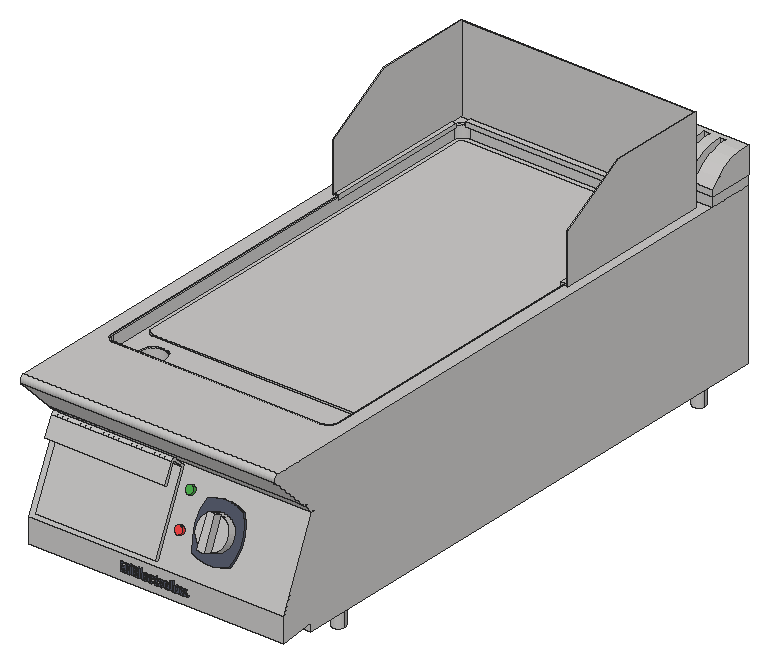
Revit family "QF_ELECTROLUXPROFESSIONAL_391357_E9IINDAOMCA", category Specialty Equipment, Revit 2018
Family settings
  Round Connector Dimension = Use Diameter
  Part Type = Normal
  Work Plane-Based = No
  Always vertical = Yes
  Cut with Voids When Loaded = No
  Shared = No
  Room Calculation Point = No
Parameters
  Width = 400 mm  # constant formula
  Weight in Pounds = 55  # constant formula
  Watts = 0 W
  Volts = 400 V  # constant formula
  URL Cutsheet = "www.electrolux.com"
  URL = "www.electrolux.com"
  Type Mark [instance] = ""
  Status [instance] = ""
  Specification by User [instance] = ""
  Specification by Manufacturer = ""
  Show Logo [instance] = yes
  Show Clearance [instance] = yes
  Serial Number = ""
  Seismic Rating = ""
  SMACNA No = ""
  Revision Code [instance] = ""
  Phase = 3
  Omniclass Number and Title = ""
  Number of Poles [instance] = 1
  NAFEM Spec ID Number = ""
  Model = "391067"
  Min Ckt Ampacity = 0 A
  Max Overcurrent Protection = 0 A
  Masterspec = ""
  Manufacturer = "ELECTROLUX"
  Item Number [instance] = ""
  Installed By [instance] = ""
  Identify Quantity as Lot [instance] = yes
  HP = "10.1 HP"
  Furnished By [instance] = ""
  Foodservice Equipment Identifier [instance] = yes
  FL Amps = if(Phase = 3, Watts / (Volts * 1.73), Watts / Volts)  # 0 A
  Electrical Remarks [instance] = "400 V/3N ph/50/60 Hz"  # constant formula
  Electric Connection Type [instance] = ""
  Elec Conn RI Height [instance] = 0 mm
  Elec Conn Connection Height [instance] = 0 mm
  Direct Waste Size = 0"
  Description = "900XP HALF MODULE ELECTRIC FRY TOP, SMOOTH HORIZONTAL PLATE, MILD STEEL - 400V"
  Depth = 930 mm  # constant formula
  Cycle [instance] = if([60 Hertz Option], 60 Hz, 50 Hz)  # 60 Hz
  Conn Plug = ""
  Conn Conduit = yes
  CSI MasterFormat = ""
  CSI Master Format = ""
  Apparent Power = if(Phase = 3, Volts * FL Amps * 1.73, Volts * FL Amps)  # 0 VA
  60 Hertz Option [instance] = not([50 Hertz Option])  # yes
  50 Hertz Option [instance] = no
Reference planes
  plane 1 "BACK": y = 0
  plane 2: z = 0
  plane 3 "LEFT": x = 0
  plane 4 "RIGHT": x = 400
  plane 5 "FRONT": y = -930
  plane 6 "TOP": z = 275
  plane 7 "Center Y": x = 200
  plane 8 "Center X": y = -465
  plane 9: y = -1045
  plane 10: z = 24
  plane 11: z = 290
  plane 12: z = 410
  plane 13: x = 11
  plane 14: x = 389
Forms (mm)
  Extrusion 1, solid, material "QF_Finishes_Stainless Steel"
    sketch origin (0, 0, 0) x (0, 1, 0) y (0, 0, 1)
      loop
        line (0, 275) -> (-922.686, 275)
        arc (-922.686, 275) -> (-929.443, 270.485) -> (-927.858, 262.514) r 7.314
        line (-927.858, 262.514) -> (-873.907, 208.563) -> (-865.773, 208.563) -> (-865.773, 206.447) -> (-871.79, 206.447) -> (-858.907, 193.563) -> (-850.773, 193.563) -> (-850.773, 191.447) -> (-856.79, 191.447) -> (-913.146, 69.003) -> (-913.146, 30.903) -> (-859.774, 36.513) -> (-859.774, 24) -> (0, 24) -> (0, 275)
    from 0 to 400
  Extrusion 2, solid, material "QF_Finishes_Stainless Steel"
    sketch origin (0, -1, 0) x (1, 0, 0) y (0, 1, 0)
      loop
        circle (11, -82) r 9.525
      loop
        circle (11, -790) r 9.525
      loop
        circle (389, -82) r 9.525
      loop
        circle (389, -790) r 9.525
    from 0 to 24
  Extrusion 3, solid, material "QF_Finishes_Stainless Steel"
    sketch origin (0, 0, 0.362) x (0, 1, 0) y (0, 0, 1)
      loop
        line (0, 289.638) -> (0, 331.738)
        arc (0, 331.738) -> (-38.857, 324.552) -> (-69.85, 300.038) r 82.056
        line (-69.85, 300.038) -> (-69.85, 289.638) -> (0, 289.638)
    from 0 to 400.05
  Extrusion 4, void
    sketch origin (0, 0, 275) x (0, -1, 0) y (1, 0, 0)
      loop
        line (6.761, 29.703) -> (63.911, 29.703) -> (63.911, 38.999) -> (6.761, 38.999) -> (6.761, 29.703)
      loop
        line (63.911, 64.487) -> (6.761, 64.487) -> (6.761, 55.191) -> (63.911, 55.191) -> (63.911, 64.487)
      loop
        line (63.911, 89.975) -> (6.761, 89.975) -> (6.761, 80.68) -> (63.911, 80.68) -> (63.911, 89.975)
      loop
        line (63.911, 115.464) -> (6.761, 115.464) -> (6.761, 106.168) -> (63.911, 106.168) -> (63.911, 115.464)
      loop
        line (63.911, 140.952) -> (6.761, 140.952) -> (6.761, 131.656) -> (63.911, 131.656) -> (63.911, 140.952)
      loop
        line (63.911, 166.44) -> (6.761, 166.44) -> (6.761, 157.145) -> (63.911, 157.145) -> (63.911, 166.44)
      loop
        line (63.911, 191.929) -> (6.761, 191.929) -> (6.761, 182.633) -> (63.911, 182.633) -> (63.911, 191.929)
      loop
        line (63.911, 217.417) -> (6.761, 217.417) -> (6.761, 208.121) -> (63.911, 208.121) -> (63.911, 217.417)
      loop
        line (63.911, 242.905) -> (6.761, 242.905) -> (6.761, 233.61) -> (63.911, 233.61) -> (63.911, 242.905)
      loop
        line (63.911, 268.394) -> (6.761, 268.394) -> (6.761, 259.098) -> (63.911, 259.098) -> (63.911, 268.394)
      loop
        line (63.911, 293.882) -> (6.761, 293.882) -> (6.761, 284.586) -> (63.911, 284.586) -> (63.911, 293.882)
      loop
        line (63.911, 319.37) -> (6.761, 319.37) -> (6.761, 310.075) -> (63.911, 310.075) -> (63.911, 319.37)
      loop
        line (63.911, 344.859) -> (6.761, 344.859) -> (6.761, 335.563) -> (63.911, 335.563) -> (63.911, 344.859)
      loop
        line (63.911, 370.347) -> (6.761, 370.347) -> (6.761, 361.051) -> (63.911, 361.051) -> (63.911, 370.347)
    from 25.4 to 63.5
  Extrusion 5, solid, material "QF_Finishes_Stainless Steel"
    sketch origin (0, 0, 275) x (0, -1, 0) y (1, 0, 0)
      loop
        line (69.85, 0) -> (69.85, 400) -> (0, 400) -> (0, 0) -> (69.85, 0)
    from 0 to 15
  Extrusion 6, solid, material "QF_Finishes_Stainless Steel"
    sketch origin (635, 190.152, 275) x (0, -1, 0) y (1, 0, 0)
      loop
        line (273.542, -252.03) -> (273.542, -617.97) -> (275.13, -617.97) -> (275.13, -252.03) -> (273.542, -252.03)
    from 0 to 135
  Extrusion 7, void
    sketch origin (0, 0, 275) x (0, -1, 0) y (1, 0, 0)
      loop
        arc (92.539, 37.03) -> (96.932, 26.423) -> (107.539, 22.03) r 15
        line (107.539, 22.03) -> (777.539, 22.03)
        arc (777.539, 22.03) -> (788.145, 26.423) -> (792.539, 37.03) r 15
        line (792.539, 37.03) -> (792.539, 362.97)
        arc (792.539, 362.97) -> (788.145, 373.577) -> (777.539, 377.97) r 15
        line (777.539, 377.97) -> (107.539, 377.97)
        arc (107.539, 377.97) -> (96.932, 373.577) -> (92.539, 362.97) r 15
        line (92.539, 362.97) -> (92.539, 37.03)
    from 0 to -21.588
  Sweep 8, solid, material "QF_Finishes_Stainless Steel"
    path origin (0, 0, 0) x (1, 0, 0) y (0, 1, 0)
      loop
        line (22.03, -107.539) -> (22.03, -777.539)
        arc (22.03, -777.539) -> (26.423, -788.145) -> (37.03, -792.539) r 15
        line (37.03, -792.539) -> (362.97, -792.539)
        arc (362.97, -792.539) -> (373.577, -788.145) -> (377.97, -777.539) r 15
        line (377.97, -777.539) -> (377.97, -107.539)
        arc (377.97, -107.539) -> (373.577, -96.932) -> (362.97, -92.539) r 15
        line (362.97, -92.539) -> (37.03, -92.539)
        arc (37.03, -92.539) -> (26.423, -96.932) -> (22.03, -107.539) r 15
    profile origin (22.03, -442.539, 0) x (1, 0, 0) y (0, 0, 1)
      loop
        line (0, 255) -> (1.588, 255) -> (1.588, 272.855)
        arc (1.588, 272.855) -> (1.147, 274.189) -> (0, 275) r 2.242
        line (0, 275) -> (0, 255)
  Extrusion 9, solid, material "QF_Finishes_Stainless Steel"
    sketch origin (0, 0, 0) x (1, 0, 0) y (0, 0, 1)
      loop
        line (17.03, 275.856) -> (23.926, 275.856) -> (23.926, 270.856) -> (25.514, 270.856) -> (25.514, 277.444) -> (17.03, 277.444) -> (17.03, 275.856)
      loop
        line (382.97, 275.856) -> (382.97, 277.444) -> (374.486, 277.444) -> (374.486, 270.856) -> (376.074, 270.856) -> (376.074, 275.856) -> (382.97, 275.856)
    from 105.541 to 335.39
  Extrusion 10, solid, material "QF_Finishes_Stainless Steel"
    sketch origin (0, 0, 0) x (0, 1, 0) y (0, 0, 1)
      loop
        line (-94.126, 270.856) -> (-94.126, 275.856) -> (-84.978, 275.856) -> (-84.978, 277.444) -> (-95.714, 277.444) -> (-95.714, 270.856) -> (-94.126, 270.856)
    from 32.03 to 367.97
  Extrusion 11, solid, material "QF_Finishes_Stainless Steel"
    sketch origin (0, -101.6, 24) x (-1, 0, 0) y (0, 1, 0)
      loop
        circle (-340, -483.4) r 6.35
    from 0 to 5
  Extrusion 12, solid, material "QF_Clearances", visible <- "Show Clearance", detail levels coarse
    sketch origin (0, 0, 0) x (1, 0, 0) y (0, 1, 0)
      loop
        line (0, 0) -> (400, 0) -> (400, -930) -> (500, -930) -> (500, 100) -> (-100, 100) -> (-100, -930) -> (0, -930) -> (0, 0)
    from 0 to 410
  Extrusion 13, solid, material "QF_Finishes_Stainless Steel"
    sketch origin (0, 0, 0) x (0, 1, 0) y (0, 0, 1)
      loop
        line (-792.539, 255) -> (-792.539, 253.413) -> (-92.539, 253.413) -> (-92.539, 255) -> (-792.539, 255)
    from 22.03 to 377.97
  Extrusion 14, solid, material "QF_Finishes_Stainless Steel"
    sketch origin (100, 0, 0) x (0, 1, 0) y (0, 0, 1)
      loop
        line (-858.205, 188.372) -> (-874.612, 204.778)
        arc (-874.612, 204.778) -> (-879.079, 206.181) -> (-882.783, 203.316) r 5.058
        line (-882.783, 203.316) -> (-895.445, 175.806) -> (-892.561, 174.479) -> (-879.899, 201.989)
        arc (-879.899, 201.989) -> (-878.52, 203.055) -> (-876.857, 202.533) r 1.883
        line (-876.857, 202.533) -> (-862.014, 187.69) -> (-912.848, 77.245) -> (-909.964, 75.918) -> (-858.205, 188.372)
    from -89 to 100
  Extrusion 15, solid, material "QF_Door-Drawer Clearances", visible <- "Show Clearance", detail levels coarse
    sketch origin (100, 0, 0) x (0, 1, 0) y (0, 0, 1)
      loop
        line (-1024.713, 174.479) -> (-1012.051, 201.989)
        arc (-1012.051, 201.989) -> (-1010.672, 203.055) -> (-1009.009, 202.533) r 1.883
        line (-1009.009, 202.533) -> (-994.166, 187.69) -> (-1045, 77.245) -> (-1042.116, 75.918) -> (-909.964, 75.918) -> (-858.205, 188.372) -> (-874.612, 204.778)
        arc (-874.612, 204.778) -> (-875.847, 205.685) -> (-877.298, 206.181) r 5.058
        line (-877.298, 206.181) -> (-1011.231, 206.181)
        arc (-1011.231, 206.181) -> (-1013.435, 205.203) -> (-1014.935, 203.316) r 5.058
        line (-1014.935, 203.316) -> (-1027.597, 175.806) -> (-1024.713, 174.479)
    from -89 to 100
  Extrusion 16, void
    sketch origin (0, 0, 0) x (1, 0, 0) y (0, 1, 0)
      loop
        circle (71.879, -758.736) r 20
    from 235.859 to 256.719
  Extrusion 17, solid, material "QF_Finishes_Stainless Steel"
    sketch origin (0, 0, 0) x (0, 1, 0) y (0, 0, 1)
      loop
        line (-83.39, 410) -> (-235.39, 410) -> (-335.39, 352.265) -> (-335.39, 275) -> (-83.39, 275) -> (-83.39, 410)
    from 15.442 to 17.03
  Extrusion 18, solid, material "QF_Finishes_Stainless Steel"
    sketch origin (400, 0, 0) x (0, 1, 0) y (0, 0, -1)
      loop
        line (-83.39, -410) -> (-83.39, -275) -> (-335.39, -275) -> (-335.39, -352.265) -> (-235.39, -410) -> (-83.39, -410)
    from 15.442 to 17.03
  Extrusion 19, solid, material "QF_Finishes_Stainless Steel"
    sketch origin (23.617, -107.539, 255) x (-1, 0, 0) y (0, 1, 0)
      loop
        arc (-18.412, -615) -> (-11.341, -612.071) -> (-8.412, -605) r 10
        line (-8.412, -605) -> (-8.412, -7.867)
        arc (-8.412, -7.867) -> (-11.341, -0.796) -> (-18.412, 2.133) r 10
        line (-18.412, 2.133) -> (-334.353, 2.133)
        arc (-334.353, 2.133) -> (-341.425, -0.796) -> (-344.353, -7.867) r 10
        line (-344.353, -7.867) -> (-344.353, -605)
        arc (-344.353, -605) -> (-341.425, -612.071) -> (-334.353, -615) r 10
        line (-334.353, -615) -> (-18.412, -615)
    from 0 to -2
  Extrusion 20, solid, material "QF_Finishes_Navy Blue"
    sketch origin (115.456, -912.449, 70.59) x (0, 0.419232, 0.907879) y (-1, 0, 0)
      loop
        arc (102.26, -132.62) -> (66.843, -125.139) -> (31.333, -132.16) r 90.355
        arc (31.333, -132.16) -> (24.504, -161.269) -> (31.333, -190.378) r 65.456
        arc (31.333, -190.378) -> (66.877, -199.452) -> (102.26, -189.765) r 71.728
        arc (102.26, -189.765) -> (108.852, -161.193) -> (102.26, -132.62) r 65.22
    from 0 to 3.175
  Extrusion 21, solid, material "QF_Finishes_Stainless Steel"
    sketch origin (115.456, -916.163, 70.121) x (0, 0.419232, 0.907879) y (-1, 0, 0)
      loop
        circle (68.826, -160.963) r 25.4
    from 0 to 12.7
  Extrusion 22, solid, material "QF_Finishes_Stainless Steel"
    sketch origin (115.456, -927.693, 75.445) x (0, 0.419232, 0.907879) y (-1, 0, 0)
      loop
        arc (93.558, -166.749) -> (94.226, -160.963) -> (93.558, -155.177) r 25.4
        line (93.558, -155.177) -> (44.094, -155.177)
        arc (44.094, -155.177) -> (43.426, -160.963) -> (44.094, -166.749) r 25.4
        line (44.094, -166.749) -> (93.558, -166.749)
    from 0 to 12.7
  Extrusion 23, solid, material "QF_Finishes_Navy Blue", visible <- "Show Logo"
    sketch origin (-142.26, -913.146, 37.253) x (0, 0, 1) y (-1, 0, 0)
      loop
        line (20.674, -296.698) -> (8.307, -296.698)
        arc (8.307, -296.698) -> (14.491, -301.27) -> (20.674, -296.698) r 6.467
      loop
        arc (20.674, -296.069) -> (19.505, -290.926) -> (14.849, -288.448) r 6.338
        line (14.849, -288.448) -> (14.849, -290.494)
        arc (14.849, -290.494) -> (16.333, -294.149) -> (19.778, -296.069) r 5.941
        line (19.778, -296.069) -> (20.674, -296.069)
      loop
        arc (9.203, -296.069) -> (12.648, -294.149) -> (14.132, -290.494) r 5.941
        line (14.132, -290.494) -> (14.132, -288.448)
        arc (14.132, -288.448) -> (9.438, -290.922) -> (8.148, -296.069) r 6.504
        line (8.148, -296.069) -> (9.203, -296.069)
      loop
        line (21.349, -287.979) -> (7.604, -287.979) -> (7.604, -301.742) -> (21.349, -301.742) -> (21.349, -287.979)
      loop
        arc (21.432, -304.71) -> (21.085, -304.352) -> (20.718, -304.69) r 0.358
        arc (20.718, -304.69) -> (20.404, -305.44) -> (19.687, -305.825) r 1.216
        line (19.687, -305.825) -> (9.274, -305.825)
        arc (9.274, -305.825) -> (8.614, -305.548) -> (8.218, -304.951) r 1.238
        arc (8.218, -304.951) -> (7.823, -304.7) -> (7.518, -305.054) r 0.358
        line (7.518, -305.054) -> (7.518, -314.933) -> (10.269, -314.933) -> (10.269, -314.036)
        arc (10.269, -314.036) -> (9.36, -313.456) -> (8.904, -312.479) r 1.928
        line (8.904, -312.479) -> (8.904, -309.98)
        arc (8.904, -309.98) -> (9.18, -309.251) -> (9.868, -308.887) r 1.101
        line (9.868, -308.887) -> (13.955, -308.887) -> (13.955, -312.561)
        arc (13.955, -312.561) -> (13.602, -313.058) -> (13.037, -313.286) r 1.083
        arc (13.037, -313.286) -> (12.773, -313.591) -> (13.065, -313.869) r 0.292
        line (13.065, -313.869) -> (16.028, -313.869)
        arc (16.028, -313.869) -> (16.33, -313.596) -> (16.092, -313.266) r 0.305
        arc (16.092, -313.266) -> (15.601, -313.018) -> (15.296, -312.561) r 1.083
        line (15.296, -312.561) -> (15.296, -308.887) -> (19.973, -308.887) -> (19.973, -312.635)
        arc (19.973, -312.635) -> (19.759, -313.39) -> (19.153, -313.888) r 1.314
        arc (19.153, -313.888) -> (18.934, -314.292) -> (19.288, -314.585) r 0.361
        line (19.288, -314.585) -> (21.432, -314.585) -> (21.432, -304.71)
      loop
        arc (20.715, -315.365) -> (20.335, -316.284) -> (19.416, -316.664) r 1.299
        line (19.416, -316.664) -> (9.837, -316.664)
        arc (9.837, -316.664) -> (8.999, -316.286) -> (8.728, -315.408) r 1.118
        line (8.728, -315.408) -> (7.518, -315.408) -> (7.518, -320.758) -> (8.706, -320.758)
        arc (8.706, -320.758) -> (8.978, -319.841) -> (9.848, -319.445) r 1.153
        line (9.848, -319.445) -> (21.92, -319.445) -> (20.715, -315.365)
      loop
        line (12.483, -323.394) -> (12.483, -329.842) -> (13.282, -329.842)
        arc (13.282, -329.842) -> (15.862, -328.857) -> (17.131, -326.404) r 3.874
        line (17.131, -326.404) -> (17.131, -324.643)
        arc (17.131, -324.643) -> (15.944, -321.778) -> (13.08, -320.592) r 4.051
        line (13.08, -320.592) -> (11.072, -320.592)
        arc (11.072, -320.592) -> (8.253, -322.077) -> (7.202, -325.084) r 4.352
        arc (7.202, -325.084) -> (7.566, -327.547) -> (8.943, -329.621) r 5.713
        line (8.943, -329.621) -> (9.892, -329.621)
        arc (9.892, -329.621) -> (9.16, -328.052) -> (8.943, -326.334) r 5.579
        arc (8.943, -326.334) -> (9.737, -324.371) -> (11.616, -323.394) r 3.057
        line (11.616, -323.394) -> (12.483, -323.394)
      loop
        line (13.742, -323.394) -> (13.742, -326.977)
        arc (13.742, -326.977) -> (15.199, -327.024) -> (16.082, -325.864) r 1.59
        line (16.082, -325.864) -> (16.082, -325.034)
        arc (16.082, -325.034) -> (15.217, -323.779) -> (13.742, -323.394) r 2.184
      loop
        arc (16.533, -339.259) -> (17.022, -337.585) -> (17.179, -335.848) r 9.023
        line (17.179, -335.848) -> (17.179, -334.486)
        arc (17.179, -334.486) -> (16.02, -331.686) -> (13.22, -330.527) r 3.959
        line (13.22, -330.527) -> (10.62, -330.527)
        arc (10.62, -330.527) -> (8.338, -331.819) -> (7.221, -334.192) r 4.331
        line (7.221, -334.192) -> (7.221, -336.327)
        arc (7.221, -336.327) -> (7.729, -337.877) -> (8.651, -339.223) r 5.772
        arc (8.651, -339.223) -> (9.412, -339.274) -> (9.499, -338.515) r 0.553
        arc (9.499, -338.515) -> (9.111, -337.781) -> (8.977, -336.962) r 2.573
        line (8.977, -336.962) -> (8.977, -335.447)
        arc (8.977, -335.447) -> (9.983, -333.806) -> (11.798, -333.163) r 2.884
        line (11.798, -333.163) -> (13.077, -333.163)
        arc (13.077, -333.163) -> (14.898, -333.723) -> (15.824, -335.388) r 2.554
        line (15.824, -335.388) -> (15.824, -336.441)
        arc (15.824, -336.441) -> (15.493, -337.369) -> (14.836, -338.104) r 2.564
        arc (14.836, -338.104) -> (14.614, -338.821) -> (15.223, -339.259) r 0.643
        line (15.223, -339.259) -> (16.533, -339.259)
      loop
        line (15.515, -339.53) -> (15.515, -341.031) -> (9.467, -341.031)
        arc (9.467, -341.031) -> (7.879, -341.688) -> (7.221, -343.276) r 2.246
        line (7.221, -343.276) -> (7.221, -344.86)
        arc (7.221, -344.86) -> (7.535, -345.725) -> (8.035, -346.496) r 4.06
        arc (8.035, -346.496) -> (8.768, -346.629) -> (9.019, -345.928) r 0.576
        arc (9.019, -345.928) -> (8.913, -345.403) -> (8.977, -344.87) r 1.69
        arc (8.977, -344.87) -> (9.519, -344.082) -> (10.425, -343.779) r 1.506
        line (10.425, -343.779) -> (15.563, -343.779) -> (15.563, -346.176) -> (16.119, -346.733) -> (16.941, -346.733) -> (16.941, -343.873) -> (20.172, -343.873) -> (15.515, -339.53)
      loop
        line (7.438, -347.63) -> (7.438, -353.017) -> (8.548, -353.017)
        arc (8.548, -353.017) -> (8.942, -352.066) -> (9.893, -351.672) r 1.345
        line (9.893, -351.672) -> (13.509, -351.672)
        arc (13.509, -351.672) -> (14.274, -352.264) -> (14.564, -353.186) r 1.615
        line (14.564, -353.186) -> (14.564, -354.742) -> (17.119, -355.427) -> (17.119, -354.044) -> (15.177, -351.485) -> (17.057, -351.485) -> (16.773, -348.779)
        arc (16.773, -348.779) -> (16.333, -348.249) -> (15.674, -348.45) r 0.621
        arc (15.674, -348.45) -> (15.274, -348.792) -> (14.78, -348.975) r 1.501
        line (14.78, -348.975) -> (9.893, -348.975)
        arc (9.893, -348.975) -> (8.942, -348.581) -> (8.548, -347.63) r 1.345
        line (8.548, -347.63) -> (7.438, -347.63)
      loop
        line (13.54, -354.964) -> (10.848, -354.964)
        arc (10.848, -354.964) -> (8.403, -356.272) -> (7.269, -358.803) r 4.288
        arc (7.269, -358.803) -> (7.205, -360.183) -> (7.269, -361.563) r 15.022
        arc (7.269, -361.563) -> (8.403, -364.094) -> (10.848, -365.401) r 4.288
        line (10.848, -365.401) -> (13.54, -365.401)
        arc (13.54, -365.401) -> (15.986, -364.094) -> (17.119, -361.563) r 4.288
        arc (17.119, -361.563) -> (17.183, -360.183) -> (17.119, -358.803) r 15.022
        arc (17.119, -358.803) -> (15.986, -356.272) -> (13.54, -354.964) r 4.288
      loop
        line (13.745, -358.078) -> (10.643, -358.078)
        arc (10.643, -358.078) -> (8.486, -360.235) -> (10.643, -362.392) r 2.157
        line (10.643, -362.392) -> (13.745, -362.392)
        arc (13.745, -362.392) -> (15.902, -360.235) -> (13.745, -358.078) r 2.157
      loop
        arc (20.726, -365.26) -> (20.355, -366.154) -> (19.461, -366.524) r 1.264
        line (19.461, -366.524) -> (9.597, -366.524)
        arc (9.597, -366.524) -> (8.727, -366.127) -> (8.455, -365.211) r 1.153
        line (8.455, -365.211) -> (7.518, -365.211) -> (7.518, -370.319) -> (8.446, -370.319)
        arc (8.446, -370.319) -> (8.805, -369.547) -> (9.597, -369.232) r 1.153
        line (9.597, -369.232) -> (21.92, -369.232) -> (20.726, -365.26)
      loop
        arc (15.846, -369.857) -> (15.647, -370.921) -> (14.678, -371.403) r 1.215
        line (14.678, -371.403) -> (9.658, -371.403)
        arc (9.658, -371.403) -> (8.043, -372.051) -> (7.322, -373.634) r 2.338
        line (7.322, -373.634) -> (7.322, -375.148)
        arc (7.322, -375.148) -> (7.497, -376.152) -> (7.999, -377.038) r 2.979
        line (7.999, -377.038) -> (7.518, -378.835) -> (7.518, -380.524) -> (16.943, -380.524) -> (16.649, -376.32) -> (15.863, -376.32)
        arc (15.863, -376.32) -> (15.507, -377.156) -> (14.755, -377.665) r 1.605
        line (14.755, -377.665) -> (9.652, -377.665)
        arc (9.652, -377.665) -> (9.232, -376.728) -> (9.159, -375.704) r 2.94
        arc (9.159, -375.704) -> (9.72, -374.603) -> (10.873, -374.16) r 1.724
        line (10.873, -374.16) -> (17.07, -374.16) -> (15.846, -369.857)
      loop
        line (16.874, -381.377) -> (15.202, -383.423) -> (12.028, -385.729) -> (8.572, -382.617)
        arc (8.572, -382.617) -> (8.335, -382.223) -> (8.357, -381.764) r 0.789
        line (8.357, -381.764) -> (7.518, -381.764) -> (7.518, -385.309) -> (8.344, -385.309)
        arc (8.344, -385.309) -> (8.686, -384.947) -> (9.176, -385.039) r 0.52
        line (9.176, -385.039) -> (10.976, -386.51) -> (8.858, -387.886)
        arc (8.858, -387.886) -> (8.457, -387.576) -> (8.37, -387.076) r 0.7
        line (8.37, -387.076) -> (7.518, -387.076) -> (7.518, -393.003) -> (8.405, -393.003)
        arc (8.405, -393.003) -> (8.472, -392.344) -> (8.866, -391.813) r 1.247
        line (8.866, -391.813) -> (13.066, -388.532) -> (15.513, -390.585) -> (16.874, -392.327) -> (16.874, -388.604) -> (15.389, -389.026) -> (13.868, -387.749) -> (15.568, -386.559) -> (16.874, -387.336) -> (16.874, -381.377)
    from 0 to 1.644
  Extrusion 24, solid, material "QF_Finishes_Green"
    sketch origin (129.198, -908.494, 79.155) x (0, 0.419232, 0.907879) y (-1, 0, 0)
      loop
        circle (94.749, -90.848) r 6.35
    from 0 to 3.175
  Extrusion 25, solid, material "QF_Finishes_Red"
    sketch origin (129.198, -930.457, 31.593) x (0, 0.419232, 0.907879) y (-1, 0, 0)
      loop
        circle (95.112, -90.848) r 6.35
    from 0 to 3.175
Cuts and joins
  Extrusion 4 cuts Extrusion 3
  Extrusion 7, Extrusion 16 cuts Extrusion 1
  Extrusion 16 cuts Extrusion 13
Lines and regions (mm)
  symbolic lines, style "QF_Clearances", visible <- "Show Clearance", detail levels coarse
    curve 1: line (500, -930, 0) -> (500, 100, 0)
    curve 2: line (500, 100, 0) -> (-100, 100, 0)
    curve 3: line (-100, 100, 0) -> (-100, -930, 0)
  symbolic lines, style "QF_Door-Drawer Clearances"
    curve 4: line (11, -930, 0) -> (11, -1045, 0)
    curve 5: line (11, -1045, 0) -> (200, -1045, 0)
    curve 6: line (200, -930, 0) -> (200, -1045, 0)
  symbolic lines
    curve 7: line (0, -930, 0) -> (400, -930, 0)
    curve 8: line (400, -930, 0) -> (400, 0, 0)
    curve 9: line (400, 0, 0) -> (0, 0, 0)
    curve 10: line (0, 0, 0) -> (0, -930, 0)
    curve 11: line (362.97, -792.539, 0) -> (37.03, -792.539, 0)
    curve 12: arc (37.03, -792.539, 0) -> (26.423, -788.145, 0) -> (22.03, -777.539, 0) r 15
    curve 13: line (22.03, -777.539, 0) -> (22.03, -335.39, 0)
    curve 14: arc (22.163, -105.541, 0) -> (25.387, -98.081, 0) -> (32.03, -93.397, 0) r 15
    curve 15: arc (367.97, -93.397, 0) -> (374.613, -98.081, 0) -> (377.837, -105.541, 0) r 15
    curve 16: line (377.97, -335.39, 0) -> (377.97, -777.539, 0)
    curve 17: arc (377.97, -777.539, 0) -> (373.577, -788.145, 0) -> (362.97, -792.539, 0) r 15
    curve 18: line (357.97, -722.539, 0) -> (42.03, -722.539, 0)
    curve 19: arc (42.03, -722.539, 0) -> (34.958, -719.61, 0) -> (32.03, -712.539, 0) r 10
    curve 20: line (32.03, -712.539, 0) -> (32.03, -115.406, 0)
    curve 21: arc (32.03, -115.406, 0) -> (34.958, -108.335, 0) -> (42.03, -105.406, 0) r 10
    curve 22: line (42.03, -105.406, 0) -> (357.97, -105.406, 0)
    curve 23: arc (357.97, -105.406, 0) -> (365.042, -108.335, 0) -> (367.97, -115.406, 0) r 10
    curve 24: line (367.97, -115.406, 0) -> (367.97, -712.539, 0)
    curve 25: arc (367.97, -712.539, 0) -> (365.042, -719.61, 0) -> (357.97, -722.539, 0) r 10
    curve 26: line (15.442, -83.39, 0) -> (15.442, -335.39, 0)
    curve 27: line (384.558, -83.39, 0) -> (15.442, -83.39, 0)
    curve 28: line (384.558, -335.39, 0) -> (384.558, -83.39, 0)
    curve 29: line (367.97, -95.714, 0) -> (367.97, -83.39, 0)
    curve 30: line (32.03, -95.714, 0) -> (367.97, -95.714, 0)
    curve 31: line (32.03, -83.39, 0) -> (32.03, -95.714, 0)
    curve 32: line (384.558, -105.541, 0) -> (374.486, -105.541, 0)
    curve 33: line (25.514, -335.39, 0) -> (25.514, -105.541, 0)
    curve 34: line (15.442, -335.39, 0) -> (25.514, -335.39, 0)
    curve 35: line (374.486, -105.541, 0) -> (374.486, -335.39, 0)
    curve 36: line (374.486, -335.39, 0) -> (384.558, -335.39, 0)
    curve 37: line (25.514, -105.541, 0) -> (15.442, -105.541, 0)
    curve 38: line (38.999, -6.761, 0) -> (38.999, -63.911, 0)
    curve 39: line (38.999, -63.911, 0) -> (29.703, -63.911, 0)
    curve 40: line (29.703, -63.911, 0) -> (29.703, -6.761, 0)
    curve 41: line (29.703, -6.761, 0) -> (38.999, -6.761, 0)
    curve 42: line (55.191, -63.911, 0) -> (55.191, -6.761, 0)
    curve 43: line (55.191, -6.761, 0) -> (64.487, -6.761, 0)
    curve 44: line (64.487, -6.761, 0) -> (64.487, -63.911, 0)
    curve 45: line (64.487, -63.911, 0) -> (55.191, -63.911, 0)
    curve 46: line (89.975, -6.761, 0) -> (89.975, -63.911, 0)
    curve 47: line (89.975, -63.911, 0) -> (80.68, -63.911, 0)
    curve 48: line (80.68, -63.911, 0) -> (80.68, -6.761, 0)
    curve 49: line (80.68, -6.761, 0) -> (89.975, -6.761, 0)
    curve 50: line (115.464, -6.761, 0) -> (115.464, -63.911, 0)
    curve 51: line (115.464, -63.911, 0) -> (106.168, -63.911, 0)
    curve 52: line (106.168, -63.911, 0) -> (106.168, -6.761, 0)
    curve 53: line (106.168, -6.761, 0) -> (115.464, -6.761, 0)
    curve 54: line (140.952, -6.761, 0) -> (140.952, -63.911, 0)
    curve 55: line (140.952, -63.911, 0) -> (131.656, -63.911, 0)
    curve 56: line (131.656, -63.911, 0) -> (131.656, -6.761, 0)
    curve 57: line (131.656, -6.761, 0) -> (140.952, -6.761, 0)
    curve 58: line (166.44, -6.761, 0) -> (166.44, -63.911, 0)
    curve 59: line (166.44, -63.911, 0) -> (157.145, -63.911, 0)
    curve 60: line (157.145, -63.911, 0) -> (157.145, -6.761, 0)
    curve 61: line (157.145, -6.761, 0) -> (166.44, -6.761, 0)
    curve 62: line (191.929, -6.761, 0) -> (191.929, -63.911, 0)
    curve 63: line (191.929, -63.911, 0) -> (182.633, -63.911, 0)
    curve 64: line (182.633, -63.911, 0) -> (182.633, -6.761, 0)
    curve 65: line (182.633, -6.761, 0) -> (191.929, -6.761, 0)
    curve 66: line (208.121, -63.911, 0) -> (208.121, -6.761, 0)
    curve 67: line (208.121, -6.761, 0) -> (217.417, -6.761, 0)
    curve 68: line (217.417, -6.761, 0) -> (217.417, -63.911, 0)
    curve 69: line (217.417, -63.911, 0) -> (208.121, -63.911, 0)
    curve 70: line (367.97, -83.39, 0) -> (367.97, -95.714, 0)
    curve 71: line (361.001, -6.761, 0) -> (361.001, -63.911, 0)
    curve 72: line (361.001, -63.911, 0) -> (370.297, -63.911, 0)
    curve 73: line (370.297, -63.911, 0) -> (370.297, -6.761, 0)
    curve 74: line (370.297, -6.761, 0) -> (361.001, -6.761, 0)
    curve 75: line (344.809, -63.911, 0) -> (344.809, -6.761, 0)
    curve 76: line (344.809, -6.761, 0) -> (335.513, -6.761, 0)
    curve 77: line (335.513, -6.761, 0) -> (335.513, -63.911, 0)
    curve 78: line (335.513, -63.911, 0) -> (344.809, -63.911, 0)
    curve 79: line (310.025, -6.761, 0) -> (310.025, -63.911, 0)
    curve 80: line (310.025, -63.911, 0) -> (319.32, -63.911, 0)
    curve 81: line (319.32, -63.911, 0) -> (319.32, -6.761, 0)
    curve 82: line (319.32, -6.761, 0) -> (310.025, -6.761, 0)
    curve 83: line (284.536, -6.761, 0) -> (284.536, -63.911, 0)
    curve 84: line (284.536, -63.911, 0) -> (293.832, -63.911, 0)
    curve 85: line (293.832, -63.911, 0) -> (293.832, -6.761, 0)
    curve 86: line (293.832, -6.761, 0) -> (284.536, -6.761, 0)
    curve 87: line (259.048, -6.761, 0) -> (259.048, -63.911, 0)
    curve 88: line (259.048, -63.911, 0) -> (268.344, -63.911, 0)
    curve 89: line (268.344, -63.911, 0) -> (268.344, -6.761, 0)
    curve 90: line (268.344, -6.761, 0) -> (259.048, -6.761, 0)
    curve 91: line (233.56, -6.761, 0) -> (233.56, -63.911, 0)
    curve 92: line (233.56, -63.911, 0) -> (242.855, -63.911, 0)
    curve 93: line (242.855, -63.911, 0) -> (242.855, -6.761, 0)
    curve 94: line (242.855, -6.761, 0) -> (233.56, -6.761, 0)
    curve 95: arc (51.879, -758.736, 0) -> (71.879, -738.736, 0) -> (91.879, -758.736, 0) r 20
    curve 96: arc (51.879, -758.736, 0) -> (71.879, -778.736, 0) -> (91.879, -758.736, 0) r 20
    curve 97: line (0, -69.85, 0) -> (400, -69.85, 0)
Dimensions and locks
  equal spacing: plane 3 "LEFT", plane 7 "Center Y", plane 4 "RIGHT"
  "Width": plane 3 "LEFT" to plane 4 "RIGHT"
  equal spacing: plane 5 "FRONT", plane 8 "Center X", plane 1 "BACK"
  "Depth": plane 5 "FRONT" to plane 1 "BACK"
  plane 6 "TOP" to level = 275 mm
  plane 1 "BACK" to plane 9 = 1045 mm  (x2)
  plane 10 to level = 24 mm  (x2)
  plane 11 to plane 10 = 266 mm
  plane 6 "TOP" to plane 10 = 251 mm
  plane 12 to level = 410 mm  (x2)
  plane 12 to plane 10 = 386 mm
  plane 13 to plane 3 "LEFT" = 11 mm
  locked: plane 14 to plane 4 "RIGHT" at 11
  plane 1 "BACK" to plane 5 "FRONT" = 930 mm
  Extrusion 11 to plane 10 = 5 mm
  plane 1 "BACK" to Extrusion 11 = 585 mm
  plane 1 "BACK" to Extrusion 2 to Extrusion 2 to plane 5 "FRONT" = 83 mm, 708 mm, 139 mm
  plane 13 to plane 14 = 378 mm
  plane 1 "BACK" to curve 2 = 100 mm
  plane 4 "RIGHT" to curve 1 = 100 mm
  curve 3 to plane 3 "LEFT" = 100 mm
  Extrusion 11 sketch curve to plane 4 "RIGHT" = 60 mm
  aligned and locked: level to plane 2
  aligned and locked: Extrusion 1 to plane 4 "RIGHT"
Automatic sketch dimensions
  Extrusion 1 sketch curve to plane 6 "TOP" = 0 mm
  Extrusion 1 sketch curve to plane 10 = 0 mm
  Extrusion 1 sketch curve to plane 1 "BACK" = 0 mm
  Extrusion 1 sketch curve to plane 5 "FRONT" = 79.227 mm
  Extrusion 1 sketch curve to Extrusion 1 sketch curve = 6.017 mm  (x2)
  Extrusion 1 sketch curve to Extrusion 1 sketch curve = 2.117 mm  (x4)
  plane 10 to Extrusion 1 sketch curve = 12.513 mm
  Extrusion 1 sketch curve to plane 5 "FRONT" = 70.226 mm
  Extrusion 1 sketch curve to Extrusion 1 sketch curve = 6.866 mm
  Extrusion 1 sketch curve to plane 5 "FRONT" = 16.854 mm
  Extrusion 1 sketch curve to plane 5 "FRONT" = 7.314 mm
  Extrusion 1 sketch curve to plane 5 "FRONT" = 2.142 mm
  plane 10 to Extrusion 1 sketch curve = 6.903 mm
  Extrusion 1 sketch curve to Extrusion 1 sketch curve = 38.1 mm
  Extrusion 1 sketch curve to plane 6 "TOP" = 83.553 mm
  Extrusion 1 sketch curve to Extrusion 1 sketch curve = 12.883 mm
  Extrusion 1 sketch curve to plane 6 "TOP" = 12.486 mm
  Extrusion 2 sketch curve to plane 13 = 0 mm  (x2)
  Extrusion 2 sketch curve to plane 14 = 0 mm  (x2)
  Extrusion 2 sketch curve to plane 5 "FRONT" = 139 mm  (x2)
  plane 1 "BACK" to Extrusion 2 sketch curve = 83 mm  (x2)
  Extrusion 3 sketch curve to plane 11 = 0 mm
  Extrusion 3 sketch curve to plane 1 "BACK" = 0 mm
  plane 1 "BACK" to Extrusion 3 sketch curve = 4.947 mm
  plane 11 to Extrusion 3 sketch curve = 10.4 mm
  plane 1 "BACK" to Extrusion 3 sketch curve = 69.85 mm
  Extrusion 3 sketch curve to plane 6 "TOP" = 24.807 mm
  plane 1 "BACK" to Extrusion 4 sketch curve = 6.761 mm  (x14)
  plane 7 "Center Y" to Extrusion 4 sketch curve = 17.417 mm
  Extrusion 4 sketch curve to Extrusion 4 sketch curve = 57.15 mm
  Extrusion 4 sketch curve to plane 7 "Center Y" = 8.071 mm
  Extrusion 4 sketch curve to Extrusion 4 sketch curve = 0 mm  (x13)
  Extrusion 4 sketch curve to Extrusion 4 sketch curve = 9.296 mm  (x13)
  Extrusion 4 sketch curve to Extrusion 4 sketch curve = 16.193 mm  (x12)
  plane 7 "Center Y" to Extrusion 4 sketch curve = 8.121 mm
  Extrusion 5 sketch curve to Extrusion 1 = 0 mm  (x3)
  Extrusion 1 to Extrusion 5 sketch curve = 69.85 mm
  Extrusion 1 to Extrusion 6 sketch curve = 17.03 mm  (x2)
  Extrusion 1 to Extrusion 6 sketch curve = 83.39 mm
  Extrusion 6 sketch curve to Extrusion 6 sketch curve = 1.588 mm
  Extrusion 1 to Extrusion 7 sketch curve = 37.03 mm
  Extrusion 1 to Extrusion 7 sketch curve = 92.539 mm
  Extrusion 7 sketch curve to Extrusion 7 sketch curve = 15 mm  (x3)
  Extrusion 1 to Extrusion 7 sketch curve = 145.147 mm  (x2)
  Extrusion 1 to Extrusion 7 sketch curve = 22.03 mm
  plane 13 to Sweep 8 sketch curve = 11.03 mm
  Sweep 8 sketch curve to Sweep 8 sketch curve = 15 mm  (x2)
  plane 14 to Sweep 8 sketch curve = 26.03 mm  (x2)
  plane 14 to Sweep 8 sketch curve = 11.03 mm
  Sweep 8 sketch curve to plane 5 "FRONT" = 137.461 mm
  plane 1 "BACK" to Sweep 8 sketch curve = 107.539 mm
  profile plane to Sweep 8 sketch curve = 0 mm
  profile plane to Sweep 8 sketch curve = 0.655 mm
  Sweep 8 sketch curve to profile plane = 1.588 mm
  level to Sweep 8 sketch curve = 255 mm
  Sweep 8 sketch curve to Sweep 8 sketch curve = 17.855 mm
  plane 6 "TOP" to Extrusion 9 sketch curve = 0.856 mm  (x2)
  plane 13 to Extrusion 9 sketch curve = 6.03 mm
  Extrusion 9 sketch curve to plane 6 "TOP" = 4.144 mm  (x2)
  Extrusion 9 sketch curve to Extrusion 9 sketch curve = 6.896 mm
  Extrusion 9 sketch curve to Extrusion 9 sketch curve = 1.588 mm  (x3)
  plane 14 to Extrusion 9 sketch curve = 14.514 mm
  plane 6 "TOP" to Extrusion 9 sketch curve = 2.444 mm
  plane 14 to Extrusion 9 sketch curve = 6.03 mm
  plane 6 "TOP" to Extrusion 10 sketch curve = 2.444 mm
  plane 1 "BACK" to Extrusion 10 sketch curve = 95.714 mm
  Extrusion 10 sketch curve to Extrusion 10 sketch curve = 1.588 mm
  Extrusion 10 sketch curve to Extrusion 10 sketch curve = 9.149 mm
  plane 6 "TOP" to Extrusion 10 sketch curve = 0.856 mm
  Extrusion 10 sketch curve to plane 6 "TOP" = 4.144 mm
  Extrusion 11 sketch curve to Extrusion 1 = 274.774 mm
  plane 5 "FRONT" to Extrusion 12 sketch curve = 0 mm  (x2)
  Extrusion 12 sketch curve to plane 3 "LEFT" = 0 mm
  Extrusion 12 sketch curve to plane 4 "RIGHT" = 0 mm
  plane 1 "BACK" to Extrusion 12 sketch curve = 0 mm
  Extrusion 12 sketch curve to plane 3 "LEFT" = 100 mm
  Extrusion 12 sketch curve to plane 4 "RIGHT" = 100 mm
  Extrusion 12 sketch curve to plane 1 "BACK" = 100 mm
  Extrusion 13 sketch curve to plane 6 "TOP" = 21.587 mm
  Extrusion 13 sketch curve to plane 5 "FRONT" = 137.461 mm
  plane 1 "BACK" to Extrusion 13 sketch curve = 92.539 mm
  Extrusion 13 sketch curve to Extrusion 13 sketch curve = 1.587 mm
  Extrusion 13 sketch curve to plane 6 "TOP" = 20 mm
  Extrusion 14 sketch curve to Extrusion 14 sketch curve = 0 mm  (x2)
  Extrusion 14 sketch curve to plane 5 "FRONT" = 17.152 mm
  Extrusion 14 sketch curve to Extrusion 14 sketch curve = 2.884 mm  (x3)
  Extrusion 14 sketch curve to plane 5 "FRONT" = 34.555 mm
  Extrusion 14 sketch curve to Extrusion 14 sketch curve = 12.662 mm
  Extrusion 14 sketch curve to Extrusion 14 sketch curve = 1.711 mm
  Extrusion 14 sketch curve to Extrusion 14 sketch curve = 1.332 mm
  Extrusion 14 sketch curve to Extrusion 14 sketch curve = 2.245 mm
  Extrusion 14 sketch curve to Extrusion 14 sketch curve = 14.843 mm
  Extrusion 14 sketch curve to Extrusion 14 sketch curve = 3.809 mm
  plane 10 to Extrusion 14 sketch curve = 51.918 mm
  Extrusion 14 sketch curve to Extrusion 14 sketch curve = 1.327 mm  (x2)
  Extrusion 14 sketch curve to Extrusion 14 sketch curve = 13.211 mm
  Extrusion 14 sketch curve to Extrusion 14 sketch curve = 0.787 mm
  Extrusion 15 sketch curve to Extrusion 15 sketch curve = 0 mm  (x2)
  Extrusion 15 sketch curve to plane 9 = 0 mm
  plane 9 to Extrusion 15 sketch curve = 2.884 mm
  plane 9 to Extrusion 15 sketch curve = 17.403 mm
  Extrusion 15 sketch curve to Extrusion 15 sketch curve = 2.884 mm  (x2)
  plane 9 to Extrusion 15 sketch curve = 30.065 mm
  Extrusion 15 sketch curve to Extrusion 15 sketch curve = 0.82 mm
  Extrusion 15 sketch curve to Extrusion 15 sketch curve = 1.711 mm
  Extrusion 15 sketch curve to Extrusion 15 sketch curve = 1.332 mm
  Extrusion 15 sketch curve to Extrusion 15 sketch curve = 14.843 mm
  Extrusion 15 sketch curve to plane 5 "FRONT" = 20.036 mm
  Extrusion 15 sketch curve to plane 5 "FRONT" = 51.812 mm
  Extrusion 15 sketch curve to Extrusion 15 sketch curve = 0.891 mm
  Extrusion 15 sketch curve to Extrusion 15 sketch curve = 2.686 mm
  Extrusion 15 sketch curve to Extrusion 15 sketch curve = 16.406 mm
  plane 10 to Extrusion 15 sketch curve = 51.918 mm
  Extrusion 15 sketch curve to Extrusion 15 sketch curve = 1.327 mm  (x2)
  Extrusion 15 sketch curve to Extrusion 15 sketch curve = 13.211 mm
  Extrusion 15 sketch curve to plane 6 "TOP" = 86.628 mm
  Extrusion 15 sketch curve to Extrusion 15 sketch curve = 0.787 mm
  Extrusion 15 sketch curve to Extrusion 15 sketch curve = 4.979 mm
  Extrusion 17 sketch curve to plane 6 "TOP" = 0 mm
  Extrusion 17 sketch curve to plane 12 = 0 mm
  Extrusion 17 sketch curve to plane 12 = 57.735 mm
  plane 8 "Center X" to Extrusion 17 sketch curve = 129.61 mm
  Extrusion 17 sketch curve to Extrusion 17 sketch curve = 100 mm
  plane 1 "BACK" to Extrusion 17 sketch curve = 83.39 mm
  Extrusion 18 sketch curve to plane 6 "TOP" = 0 mm
  Extrusion 18 sketch curve to plane 12 = 0 mm
  Extrusion 18 sketch curve to plane 12 = 57.735 mm
  plane 8 "Center X" to Extrusion 18 sketch curve = 129.61 mm
  Extrusion 18 sketch curve to Extrusion 18 sketch curve = 100 mm
  plane 1 "BACK" to Extrusion 18 sketch curve = 83.39 mm
  Sweep 8 to Extrusion 19 sketch curve = 8.413 mm
  Extrusion 19 sketch curve to Extrusion 19 sketch curve = 10 mm  (x2)
  Sweep 8 to Extrusion 19 sketch curve = 11.28 mm
  Sweep 8 to Extrusion 19 sketch curve = 18.412 mm  (x2)
  Sweep 8 to Extrusion 19 sketch curve = 8.412 mm
  Sweep 8 to Extrusion 19 sketch curve = 78.412 mm
  plane 13 to Extrusion 16 sketch curve = 60.879 mm
  Extrusion 16 sketch curve to plane 5 "FRONT" = 171.264 mm
  plane 7 "Center Y" to Extrusion 20 sketch curve = 47.616 mm
  Extrusion 20 sketch curve to Extrusion 20 sketch curve = 0 mm
  Extrusion 20 sketch curve to Extrusion 20 sketch curve = 12.3 mm  (x3)
  Extrusion 20 sketch curve to Extrusion 20 sketch curve = 34.925 mm  (x2)
  Extrusion 20 sketch curve to Extrusion 20 sketch curve = 23.703 mm
  Extrusion 20 sketch curve to Extrusion 20 sketch curve = 0.46 mm
  Extrusion 20 sketch curve to Extrusion 20 sketch curve = 29.032 mm
  Extrusion 20 sketch curve to Extrusion 20 sketch curve = 28.496 mm
  Extrusion 22 sketch curve to Extrusion 22 sketch curve = 24.732 mm
  Extrusion 22 sketch curve to Extrusion 22 sketch curve = 0 mm
  plane 10 to Extrusion 23 sketch curve = 15.413 mm
  plane 10 to Extrusion 23 sketch curve = 20.454 mm
  plane 7 "Center Y" to Extrusion 23 sketch curve = 2.6 mm
  Extrusion 23 sketch curve to Extrusion 23 sketch curve = 5.06 mm
  Extrusion 23 sketch curve to Extrusion 23 sketch curve = 0 mm  (x28)
  Extrusion 23 sketch curve to Extrusion 23 sketch curve = 5.108 mm  (x2)
  Extrusion 23 sketch curve to Extrusion 23 sketch curve = 0.054 mm
  Extrusion 23 sketch curve to Extrusion 23 sketch curve = 0.218 mm
  Extrusion 23 sketch curve to Extrusion 23 sketch curve = 0.195 mm
  Extrusion 23 sketch curve to Extrusion 23 sketch curve = 0.249 mm
  Extrusion 23 sketch curve to Extrusion 23 sketch curve = 0.316 mm
  Extrusion 23 sketch curve to Extrusion 23 sketch curve = 0.087 mm
  Extrusion 23 sketch curve to Extrusion 23 sketch curve = 0.358 mm
  Extrusion 23 sketch curve to Extrusion 23 sketch curve = 0.481 mm
  Extrusion 23 sketch curve to Extrusion 23 sketch curve = 0.597 mm
  Extrusion 23 sketch curve to Extrusion 23 sketch curve = 0.544 mm
  Extrusion 23 sketch curve to Extrusion 23 sketch curve = 0.936 mm
  Extrusion 23 sketch curve to Extrusion 23 sketch curve = 0.594 mm
  Extrusion 23 sketch curve to Extrusion 23 sketch curve = 0.343 mm
  Extrusion 23 sketch curve to Extrusion 23 sketch curve = 0.159 mm
  Extrusion 23 sketch curve to Extrusion 23 sketch curve = 0.826 mm
  Extrusion 23 sketch curve to Extrusion 23 sketch curve = 0.839 mm
  Extrusion 23 sketch curve to Extrusion 23 sketch curve = 0.852 mm
  Extrusion 23 sketch curve to Extrusion 23 sketch curve = 0.887 mm
  Extrusion 23 sketch curve to Extrusion 23 sketch curve = 0.928 mm
  Extrusion 23 sketch curve to Extrusion 23 sketch curve = 0.938 mm
  Extrusion 23 sketch curve to Extrusion 23 sketch curve = 0.444 mm
  Extrusion 23 sketch curve to Extrusion 23 sketch curve = 1.11 mm  (x3)
  Extrusion 23 sketch curve to Extrusion 23 sketch curve = 0.215 mm
  Extrusion 23 sketch curve to Extrusion 23 sketch curve = 1.43 mm
  Extrusion 23 sketch curve to Extrusion 23 sketch curve = 1.188 mm
  Extrusion 23 sketch curve to Extrusion 23 sketch curve = 1.21 mm  (x2)
  Extrusion 23 sketch curve to Extrusion 23 sketch curve = 0.503 mm
  Extrusion 23 sketch curve to Extrusion 23 sketch curve = 0.488 mm
  Extrusion 23 sketch curve to Extrusion 23 sketch curve = 0.462 mm
  Extrusion 23 sketch curve to Extrusion 23 sketch curve = 1.386 mm
  Extrusion 23 sketch curve to Extrusion 23 sketch curve = 1.742 mm  (x2)
  Extrusion 23 sketch curve to Extrusion 23 sketch curve = 0.821 mm
  Extrusion 23 sketch curve to Extrusion 23 sketch curve = 0.497 mm
  Extrusion 23 sketch curve to Extrusion 23 sketch curve = 0.539 mm
  Extrusion 23 sketch curve to Extrusion 23 sketch curve = 0.686 mm
  Extrusion 23 sketch curve to Extrusion 23 sketch curve = 0.408 mm
  Extrusion 23 sketch curve to Extrusion 23 sketch curve = 0.743 mm
  Extrusion 23 sketch curve to Extrusion 23 sketch curve = 1.16 mm
  Extrusion 23 sketch curve to Extrusion 23 sketch curve = 0.329 mm
  Extrusion 23 sketch curve to Extrusion 23 sketch curve = 1.054 mm
  Extrusion 23 sketch curve to Extrusion 23 sketch curve = 1.056 mm
  Extrusion 23 sketch curve to Extrusion 23 sketch curve = 0.129 mm
  Extrusion 23 sketch curve to Extrusion 23 sketch curve = 0.489 mm
  Extrusion 23 sketch curve to Extrusion 23 sketch curve = 0.441 mm
  Extrusion 23 sketch curve to Extrusion 23 sketch curve = 1.151 mm
  Extrusion 23 sketch curve to Extrusion 23 sketch curve = 1.141 mm  (x2)
  Extrusion 23 sketch curve to Extrusion 23 sketch curve = 0.768 mm
  Extrusion 23 sketch curve to Extrusion 23 sketch curve = 1.653 mm
  Extrusion 23 sketch curve to Extrusion 23 sketch curve = 0.499 mm
  Extrusion 23 sketch curve to Extrusion 23 sketch curve = 0.964 mm
  Extrusion 23 sketch curve to Extrusion 23 sketch curve = 0.949 mm
  Extrusion 23 sketch curve to Extrusion 23 sketch curve = 1.345 mm  (x2)
  Extrusion 23 sketch curve to Extrusion 23 sketch curve = 1.101 mm
  Extrusion 23 sketch curve to Extrusion 23 sketch curve = 0.432 mm
  Extrusion 23 sketch curve to Extrusion 23 sketch curve = 1.142 mm
  Extrusion 23 sketch curve to Extrusion 23 sketch curve = 0.959 mm
  Extrusion 23 sketch curve to Extrusion 23 sketch curve = 0.176 mm
  Extrusion 23 sketch curve to Extrusion 23 sketch curve = 0.728 mm
  Extrusion 23 sketch curve to Extrusion 23 sketch curve = 3.375 mm  (x2)
  Extrusion 23 sketch curve to Extrusion 23 sketch curve = 0.541 mm
  Extrusion 23 sketch curve to Extrusion 23 sketch curve = 0.955 mm
  Extrusion 23 sketch curve to Extrusion 23 sketch curve = 1.251 mm
  Extrusion 23 sketch curve to Extrusion 23 sketch curve = 0.572 mm
  Extrusion 23 sketch curve to Extrusion 23 sketch curve = 1.92 mm
  Extrusion 23 sketch curve to Extrusion 23 sketch curve = 1.224 mm
  Extrusion 23 sketch curve to Extrusion 23 sketch curve = 0.745 mm
  Extrusion 23 sketch curve to Extrusion 23 sketch curve = 2.537 mm
  Extrusion 23 sketch curve to Extrusion 23 sketch curve = 0.896 mm  (x3)
  Extrusion 23 sketch curve to Extrusion 23 sketch curve = 0.036 mm
  Extrusion 23 sketch curve to Extrusion 23 sketch curve = 2.607 mm
  Extrusion 23 sketch curve to Extrusion 23 sketch curve = 0.066 mm
  Extrusion 23 sketch curve to Extrusion 23 sketch curve = 0.248 mm
  Extrusion 23 sketch curve to Extrusion 23 sketch curve = 0.449 mm
  Extrusion 23 sketch curve to Extrusion 23 sketch curve = 1.052 mm
  Extrusion 23 sketch curve to Extrusion 23 sketch curve = 1.863 mm
  Extrusion 23 sketch curve to Extrusion 23 sketch curve = 1.31 mm  (x2)
  Extrusion 23 sketch curve to Extrusion 23 sketch curve = 0.901 mm
  Extrusion 23 sketch curve to Extrusion 23 sketch curve = 1.107 mm
  Extrusion 23 sketch curve to Extrusion 23 sketch curve = 2.122 mm
  Extrusion 23 sketch curve to Extrusion 23 sketch curve = 2.101 mm
  Extrusion 23 sketch curve to Extrusion 23 sketch curve = 0.106 mm
  Extrusion 23 sketch curve to Extrusion 23 sketch curve = 0.029 mm
  Extrusion 23 sketch curve to Extrusion 23 sketch curve = 2.09 mm
  Extrusion 23 sketch curve to Extrusion 23 sketch curve = 1.279 mm
  Extrusion 23 sketch curve to Extrusion 23 sketch curve = 2.008 mm
  Extrusion 23 sketch curve to Extrusion 23 sketch curve = 0.738 mm
  Extrusion 23 sketch curve to Extrusion 23 sketch curve = 0.382 mm
  Extrusion 23 sketch curve to Extrusion 23 sketch curve = 0.384 mm
  Extrusion 23 sketch curve to Extrusion 23 sketch curve = 0.002 mm
  Extrusion 23 sketch curve to Extrusion 23 sketch curve = 0.561 mm
  Extrusion 23 sketch curve to Extrusion 23 sketch curve = 0.592 mm
  Extrusion 23 sketch curve to Extrusion 23 sketch curve = 2.692 mm
  Extrusion 23 sketch curve to Extrusion 23 sketch curve = 1.259 mm
  Extrusion 23 sketch curve to Extrusion 23 sketch curve = 0.802 mm
  Extrusion 23 sketch curve to Extrusion 23 sketch curve = 1.024 mm
  Extrusion 23 sketch curve to Extrusion 23 sketch curve = 0.682 mm
  Extrusion 23 sketch curve to Extrusion 23 sketch curve = 5.934 mm
  Extrusion 23 sketch curve to Extrusion 23 sketch curve = 2.186 mm
  Extrusion 23 sketch curve to Extrusion 23 sketch curve = 0.337 mm
  Extrusion 23 sketch curve to Extrusion 23 sketch curve = 0.021 mm
  Extrusion 23 sketch curve to Extrusion 23 sketch curve = 1.005 mm
  Extrusion 23 sketch curve to Extrusion 23 sketch curve = 0.552 mm
  Extrusion 23 sketch curve to Extrusion 23 sketch curve = 0.778 mm
  Extrusion 23 sketch curve to Extrusion 23 sketch curve = 0.063 mm
  Extrusion 23 sketch curve to Extrusion 23 sketch curve = 1.023 mm
  Extrusion 23 sketch curve to Extrusion 23 sketch curve = 3.804 mm
  Extrusion 23 sketch curve to Extrusion 23 sketch curve = 0.486 mm
  Extrusion 23 sketch curve to Extrusion 23 sketch curve = 0.266 mm  (x2)
  Extrusion 23 sketch curve to Extrusion 23 sketch curve = 1.547 mm
  Extrusion 23 sketch curve to Extrusion 23 sketch curve = 0.717 mm  (x2)
  Extrusion 23 sketch curve to Extrusion 23 sketch curve = 1.667 mm
  Extrusion 23 sketch curve to Extrusion 23 sketch curve = 3.174 mm
  Extrusion 23 sketch curve to Extrusion 23 sketch curve = 0.388 mm
  Extrusion 23 sketch curve to Extrusion 23 sketch curve = 1.342 mm
  Extrusion 23 sketch curve to Extrusion 23 sketch curve = 1.521 mm
  Extrusion 23 sketch curve to Extrusion 23 sketch curve = 0.124 mm
  Extrusion 23 sketch curve to Extrusion 23 sketch curve = 0.291 mm
  plane 7 "Center Y" to Extrusion 23 sketch curve = 3.916 mm
  Extrusion 23 sketch curve to Extrusion 23 sketch curve = 1.049 mm  (x2)
  Extrusion 23 sketch curve to Extrusion 23 sketch curve = 1.7 mm
  Extrusion 23 sketch curve to Extrusion 23 sketch curve = 0.894 mm
  Extrusion 23 sketch curve to Extrusion 23 sketch curve = 0.989 mm
  Extrusion 23 sketch curve to Extrusion 23 sketch curve = 1.168 mm
  Extrusion 23 sketch curve to Extrusion 23 sketch curve = 1.594 mm
  Extrusion 23 sketch curve to Extrusion 23 sketch curve = 0.731 mm
  Extrusion 23 sketch curve to Extrusion 23 sketch curve = 1.566 mm
  Extrusion 23 sketch curve to Extrusion 23 sketch curve = 0.064 mm
  plane 7 "Center Y" to Extrusion 23 sketch curve = 4.472 mm
  Extrusion 23 sketch curve to Extrusion 23 sketch curve = 0.556 mm  (x2)
  Extrusion 23 sketch curve to Extrusion 23 sketch curve = 0.48 mm
  Extrusion 23 sketch curve to Extrusion 23 sketch curve = 0.228 mm
  Extrusion 23 sketch curve to Extrusion 23 sketch curve = 1.018 mm
  Extrusion 23 sketch curve to Extrusion 23 sketch curve = 0.787 mm
  Extrusion 23 sketch curve to Extrusion 23 sketch curve = 0.618 mm
  Extrusion 23 sketch curve to Extrusion 23 sketch curve = 1.672 mm
  Extrusion 23 sketch curve to Extrusion 23 sketch curve = 1.361 mm
  Extrusion 23 sketch curve to Extrusion 23 sketch curve = 0.822 mm
  Extrusion 23 sketch curve to Extrusion 23 sketch curve = 0.069 mm
  Extrusion 23 sketch curve to Extrusion 23 sketch curve = 1.88 mm
  Extrusion 23 sketch curve to Extrusion 23 sketch curve = 0.42 mm
  Extrusion 23 sketch curve to Extrusion 23 sketch curve = 0.062 mm
  Extrusion 23 sketch curve to Extrusion 23 sketch curve = 1.355 mm
  Extrusion 23 sketch curve to Extrusion 23 sketch curve = 2.34 mm
  Extrusion 23 sketch curve to Extrusion 23 sketch curve = 0.493 mm
  Extrusion 23 sketch curve to Extrusion 23 sketch curve = 0.136 mm
  Extrusion 23 sketch curve to Extrusion 23 sketch curve = 0.128 mm
  Extrusion 23 sketch curve to Extrusion 23 sketch curve = 3.616 mm
  Extrusion 23 sketch curve to Extrusion 23 sketch curve = 4.207 mm
  Extrusion 23 sketch curve to Extrusion 23 sketch curve = 0.183 mm
  Extrusion 23 sketch curve to Extrusion 23 sketch curve = 0.895 mm
  Extrusion 23 sketch curve to Extrusion 23 sketch curve = 1.314 mm
  plane 7 "Center Y" to Extrusion 23 sketch curve = 1.612 mm
  Extrusion 23 sketch curve to Extrusion 23 sketch curve = 3.231 mm
  Extrusion 23 sketch curve to Extrusion 23 sketch curve = 1.299 mm
  Extrusion 23 sketch curve to Extrusion 23 sketch curve = 1.214 mm
  Extrusion 23 sketch curve to Extrusion 23 sketch curve = 1.264 mm
  Extrusion 23 sketch curve to Extrusion 23 sketch curve = 0.109 mm
  Extrusion 23 sketch curve to Extrusion 23 sketch curve = 0.357 mm
  Extrusion 23 sketch curve to Extrusion 23 sketch curve = 0.565 mm
  Extrusion 23 sketch curve to Extrusion 23 sketch curve = 2.504 mm
  Extrusion 23 sketch curve to Extrusion 23 sketch curve = 2.459 mm
  Extrusion 23 sketch curve to Extrusion 23 sketch curve = 1.322 mm
  Extrusion 23 sketch curve to Extrusion 23 sketch curve = 2.77 mm
  Extrusion 23 sketch curve to Extrusion 23 sketch curve = 2.51 mm
  Extrusion 23 sketch curve to Extrusion 23 sketch curve = 0.187 mm
  Extrusion 23 sketch curve to Extrusion 23 sketch curve = 2.559 mm
  Extrusion 23 sketch curve to Extrusion 23 sketch curve = 1.556 mm
  Extrusion 23 sketch curve to Extrusion 23 sketch curve = 0.222 mm
  Extrusion 23 sketch curve to Extrusion 23 sketch curve = 1.383 mm
  Extrusion 23 sketch curve to Extrusion 23 sketch curve = 3.114 mm
  Extrusion 23 sketch curve to Extrusion 23 sketch curve = 3.376 mm
  Extrusion 23 sketch curve to Extrusion 23 sketch curve = 0.934 mm
  Extrusion 23 sketch curve to Extrusion 23 sketch curve = 0.191 mm
  Extrusion 23 sketch curve to Extrusion 23 sketch curve = 3.696 mm
  Extrusion 23 sketch curve to Extrusion 23 sketch curve = 2.708 mm
  Extrusion 23 sketch curve to Extrusion 23 sketch curve = 3.333 mm
  Extrusion 23 sketch curve to Extrusion 23 sketch curve = 0.332 mm
  Extrusion 23 sketch curve to Extrusion 23 sketch curve = 1.087 mm
  Extrusion 23 sketch curve to Extrusion 23 sketch curve = 2.23 mm
  Extrusion 23 sketch curve to Extrusion 23 sketch curve = 2.757 mm
  Extrusion 23 sketch curve to Extrusion 23 sketch curve = 0.987 mm
  Extrusion 23 sketch curve to Extrusion 23 sketch curve = 1.529 mm
  Extrusion 23 sketch curve to Extrusion 23 sketch curve = 1.796 mm
  Extrusion 23 sketch curve to Extrusion 23 sketch curve = 2.859 mm
  Extrusion 23 sketch curve to Extrusion 23 sketch curve = 0.853 mm
  Extrusion 23 sketch curve to Extrusion 23 sketch curve = 1.241 mm
  Extrusion 23 sketch curve to Extrusion 23 sketch curve = 2.046 mm  (x2)
  Extrusion 23 sketch curve to Extrusion 23 sketch curve = 2.422 mm
  Extrusion 23 sketch curve to Extrusion 23 sketch curve = 0.27 mm  (x2)
  Extrusion 23 sketch curve to Extrusion 23 sketch curve = 0.69 mm
  Extrusion 23 sketch curve to Extrusion 23 sketch curve = 0.781 mm  (x2)
  Extrusion 23 sketch curve to Extrusion 23 sketch curve = 3.136 mm
  Extrusion 23 sketch curve to Extrusion 23 sketch curve = 1.767 mm
  Extrusion 23 sketch curve to Extrusion 23 sketch curve = 0.138 mm
  Extrusion 23 sketch curve to Extrusion 23 sketch curve = 0.777 mm
  Extrusion 23 sketch curve to Extrusion 23 sketch curve = 1.19 mm
  Extrusion 23 sketch curve to Extrusion 23 sketch curve = 0.782 mm
  Extrusion 23 sketch curve to Extrusion 23 sketch curve = 1.268 mm
  Extrusion 23 sketch curve to Extrusion 23 sketch curve = 0.422 mm  (x2)
  Extrusion 23 sketch curve to Extrusion 23 sketch curve = 1.559 mm
  Extrusion 23 sketch curve to Extrusion 23 sketch curve = 3.927 mm
  Extrusion 23 sketch curve to Extrusion 23 sketch curve = 0.983 mm
  Extrusion 23 sketch curve to Extrusion 23 sketch curve = 1.134 mm
  plane 7 "Center Y" to Extrusion 23 sketch curve = 1.016 mm
  Extrusion 23 sketch curve to Extrusion 23 sketch curve = 1.501 mm
  Extrusion 23 sketch curve to Extrusion 23 sketch curve = 1.808 mm
  Extrusion 23 sketch curve to Extrusion 23 sketch curve = 0.643 mm
  Extrusion 23 sketch curve to Extrusion 23 sketch curve = 0.916 mm
  Extrusion 23 sketch curve to Extrusion 23 sketch curve = 0.352 mm
  Extrusion 23 sketch curve to Extrusion 23 sketch curve = 0.458 mm
  Extrusion 23 sketch curve to Extrusion 23 sketch curve = 1.282 mm
  Extrusion 23 sketch curve to Extrusion 23 sketch curve = 1.363 mm
  Extrusion 23 sketch curve to Extrusion 23 sketch curve = 0.685 mm
  Extrusion 23 sketch curve to Extrusion 23 sketch curve = 0.905 mm
  Extrusion 23 sketch curve to Extrusion 23 sketch curve = 2.865 mm
  Extrusion 23 sketch curve to Extrusion 23 sketch curve = 0.472 mm
  Extrusion 23 sketch curve to Extrusion 23 sketch curve = 0.101 mm
  Extrusion 23 sketch curve to Extrusion 23 sketch curve = 0.54 mm
  Extrusion 23 sketch curve to Extrusion 23 sketch curve = 0.02 mm
  Extrusion 23 sketch curve to Extrusion 23 sketch curve = 0.468 mm
  Extrusion 23 sketch curve to Extrusion 23 sketch curve = 0.829 mm
  Extrusion 23 sketch curve to Extrusion 23 sketch curve = 0.582 mm
  Extrusion 23 sketch curve to Extrusion 23 sketch curve = 0.166 mm
  Extrusion 23 sketch curve to Extrusion 23 sketch curve = 0.16 mm
  Extrusion 23 sketch curve to Extrusion 23 sketch curve = 2.781 mm
  Extrusion 23 sketch curve to Extrusion 23 sketch curve = 1.118 mm
